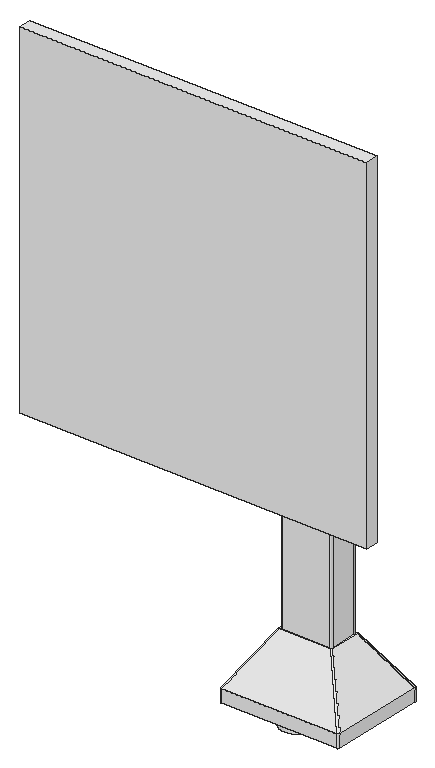
Revit family "Showerhead_Contemporary_11in-Rain-Square_TS100B1_B1L_TOTO", category Plumbing Fixtures, host Face, Revit 2013
Parameters
  ecoScorecard_data = " "
  ecoScorecard Product Page = "  "
  Width = 0' - 10 1/4"  # constant formula
  Waste Connection = no
  Warranty URL = "http://www.totousa.com/Support/WarrantyInformation.aspx"
  Warranty = "Lifetime Limited Warranty (Residential Use); One Year (Oil Rubbed Bronze); One Year Limited (Commercial Use)"  # constant formula
  WFU = 0
  Vent Connection = yes
  URL = "http://www.totousa.com"
  Toto BIM Number = "BM-00110"  # constant formula
  Tempered Water Connection NPT = 1/2"
  Subcategory = "Showers"  # constant formula
  Style = "Contemporary"  # constant formula
  Spec Sheet URL = "http://assets.totousa.com/product-files/SS-00323_TS100B1.pdf"
  Shipping Weight = 14.90 lbf
  Series = ""
  Product Page URL = " "
  Parts Manual URL = " "
  Owners Manual URL = "  "
  Model = "TS100B1"  # constant formula
  Manufacturer Toll Free Phone = "1-888-295-8134"  # constant formula
  Manufacturer Phone = "(770) 282-8686"  # constant formula
  Manufacturer Fax = "(770) 282-0002"  # constant formula
  Manufacturer Email = "mailto:custservice@totousa.com"
  Manufacturer Address = "1155 Southern Road, Morrow, Georgia 30260"  # constant formula
  Manufacturer = "TOTO USA, Inc."  # constant formula
  Installation URL = " "
  Hot Water Connector = "Hot Water Connection"  # constant formula
  Hot Water Connection Radius = 0' - 0 1/2"
  Hot Water Connection Diameter = Hot Water Connection Radius * 2  # 0' - 1"
  Height = 0' - 6 1/16"  # constant formula
  HWFU = 0
  HW Connection = yes
  Flow Rate = 1.75 GPM
  Finish = Metal - TOTO - Chrome - Polished
  Description = "Square Rain Showerhead 10\",\",\",http://www.totousa.com\""
  Depth = 1' - 6 1/8"  # constant formula
  Default Elevation = 6' - 5"
  Cost Info = "http://www.totousa.com/Portals/0/ProductDownloads/0GU4103_SQUARE_SHOWERHEADS_IM_OM.pdf"
  Color Availability = "#CP Polished Chrome"  # constant formula
  Cold Water Connector = "Cold Water Connection"  # constant formula
  Cold Water Connection Radius = 0' - 0 1/2"
  Cold Water Connection Diameter = Cold Water Connection Radius * 2  # 0' - 1"
  CWFU = 0
  CW Connection = no
  CAD Drawing URL = "http://assets.totousa.com/product-files/AD-00303_TS100B1_B1L.dxf"
  Assembly Code = "D2010710"
  95 CSI = "15416"  # constant formula
  04 CSI = "22 41 39"  # constant formula
Reference planes (in)
  plane 1 "Center (Front/Back)": y = 0
  plane 2: z = 0
  plane 3 "Center (Left/Right)": x = 0
Dimensions and locks (in)
  aligned and locked: plane 2 to host face
  aligned and locked: level to host face
  aligned and locked: plane 1 "Center (Front/Back)" to nested 1
  aligned and locked: plane 3 "Center (Left/Right)" to nested 1
Nested families (in)
  nested 1: "TS100B1L" at (0, 4.625, 0), type "TS100B1L"
    with Flow Pressure 0.00 psi
Connectors (in)
  piping at (0, 5.375, -0.25), driven by "Cold Water Connection Radius", driven by "Flow Rate", driven by "CWFU", driven by "CW Connection", driven by "CW Connection", driven by "Cold Water Connector"
    settings: on nested 1, index 1, connector radius 1/2", flow factor 0, pipe flow 1.75 GPM, pressure drop 0.00 psi, fitting loss kfactor 0, connector angle 0.00°, fixture units 0, engagement length 0' - 0", flow configuration 3, flow direction 1, fitting loss method 0, system type 20, joint type 0, gender type 0, connector reference index -1, connector utility 0, adjustable connector no, is connector primary yes, fitting loss table "", connector description "Cold Water Connection"
  piping at (0, 3.875, -0.25), driven by "Hot Water Connector", driven by "HW Connection", driven by "Hot Water Connection Radius", driven by "HW Connection", driven by "HWFU"
    settings: on nested 1, index 2, connector radius 1/2", flow factor 0, pipe flow 0.00 GPM, pressure drop 0.00 psi, fitting loss kfactor 0, connector angle 0.00°, fixture units 0, engagement length 0' - 0", flow configuration 3, flow direction 1, fitting loss method 0, system type 19, joint type 0, gender type 0, connector reference index -1, connector utility 1, adjustable connector yes, is connector primary no, fitting loss table "", connector description "Hot Water Connection"
Definition of nested family "TS100B1L"
  Parameters (values of type "TS100B1L")
    Waste Connection = no
    WFU = 0
    Vent Connection = yes
    URL = ""
    Tempered Water Connection Radius = 0' - 1"
    Tempered Water Connection NPT = 1/2"
    Showerhead Material = Metal - TOTO - Chrome - Polished
    Nominal Width = 0' - 10 1/4"  # constant formula
    Nominal Height = 0' - 6 1/16"  # constant formula
    Nominal Depth = 1' - 6 1/8"  # constant formula
    Model = ""
    Manufacturer = ""
    HWFU = 0
    HW Connection = yes
    Flow Pressure [instance] = 0.00 psi
    Description = ""
    Default Elevation = 6' - 5"
    CWFU = 0
    CW Connection = yes
    Assembly Code = ""
  Reference planes (in)
    plane 1 "Center (Front/Back)": y = 0
    plane 2: z = 0
    plane 3 "Center (Left/Right)": x = 0
    plane 4: z = 0.38
    plane 5: y = 1.4375
    plane 6: y = -1.4375
    plane 7: x = 1.75
    plane 8: x = -1.75
    plane 9: z = 1.875
    plane 10: z = 13
    plane 11: z = 13.75
    plane 12: y = -4.625
    plane 13: y = -4.25
    plane 14: x = 5.125
    plane 15: x = -5.125
    plane 16: z = 18.125
    plane 17: z = 7.875
  Forms (in)
    Extrusion 1, solid
      sketch origin (0, 0, 0) x (1, 0, 0) y (0, 1, 0)
        loop
          line (-48, 48) -> (-48, -48) -> (48, -48) -> (48, 48) -> (-48, 48)
      from 0 to -12
    Extrusion 2, solid, material "Metal - TOTO - Chrome - Polished" <- "Showerhead Material", detail levels fine
      sketch origin (0, 0, 0) x (1, 0, 0) y (0, 1, 0)
        loop
          line (-1.71094, -1.4375) -> (1.71094, -1.4375)
          arc (1.71094, -1.4375) -> (1.73856, -1.42606) -> (1.75, -1.39844) r 0.03906
          line (1.75, -1.39844) -> (1.75, 1.39844)
          arc (1.75, 1.39844) -> (1.73856, 1.42606) -> (1.71094, 1.4375) r 0.03906
          line (1.71094, 1.4375) -> (-1.71094, 1.4375)
          arc (-1.71094, 1.4375) -> (-1.73856, 1.42606) -> (-1.75, 1.39844) r 0.03906
          line (-1.75, 1.39844) -> (-1.75, -1.39844)
          arc (-1.75, -1.39844) -> (-1.73856, -1.42606) -> (-1.71094, -1.4375) r 0.03906
      from 0 to 0.38
    Blend 3, solid, material "Metal - TOTO - Chrome - Polished" <- "Showerhead Material", detail levels fine
      base sketch origin (3.25, -180, 0.38) x (-1, 0, 0) y (0, -1, 0)
        loop
          line (5, -181.39844) -> (5, -178.60156)
          arc (5, -178.60156) -> (4.98856, -178.57394) -> (4.96094, -178.5625) r 0.03906
          line (4.96094, -178.5625) -> (1.53906, -178.5625)
          arc (1.53906, -178.5625) -> (1.51144, -178.57394) -> (1.5, -178.60156) r 0.03906
          line (1.5, -178.60156) -> (1.5, -181.39844)
          arc (1.5, -181.39844) -> (1.51144, -181.42606) -> (1.53906, -181.4375) r 0.03906
          line (1.53906, -181.4375) -> (4.96094, -181.4375)
          arc (4.96094, -181.4375) -> (4.98856, -181.42606) -> (5, -181.39844) r 0.03906
      top sketch origin (3.25, -180, 0.38) x (-1, 0, 0) y (0, -1, 0)
        loop
          line (2.48906, -180.49) -> (4.01094, -180.49)
          arc (4.01094, -180.49) -> (4.03856, -180.47856) -> (4.05, -180.45094) r 0.03906
          line (4.05, -180.45094) -> (4.05, -179.54906)
          arc (4.05, -179.54906) -> (4.03856, -179.52144) -> (4.01094, -179.51) r 0.03906
          line (4.01094, -179.51) -> (2.48906, -179.51)
          arc (2.48906, -179.51) -> (2.46144, -179.52144) -> (2.45, -179.54906) r 0.03906
          line (2.45, -179.54906) -> (2.45, -180.45094)
          arc (2.45, -180.45094) -> (2.46144, -180.47856) -> (2.48906, -180.49) r 0.03906
      from 0 to 1.495
    Extrusion 4, solid, material "Metal - TOTO - Chrome - Polished" <- "Showerhead Material", detail levels fine
      sketch origin (3.25, -180, 1.875) x (-1, 0, 0) y (0, -1, 0)
        loop
          arc (2.51, -180.40594) -> (2.52144, -180.43356) -> (2.54906, -180.445) r 0.03906
          line (2.54906, -180.445) -> (3.95094, -180.445)
          arc (3.95094, -180.445) -> (3.97856, -180.43356) -> (3.99, -180.40594) r 0.03906
          line (3.99, -180.40594) -> (3.99, -179.59406)
          arc (3.99, -179.59406) -> (3.97856, -179.56644) -> (3.95094, -179.555) r 0.03906
          line (3.95094, -179.555) -> (2.54906, -179.555)
          arc (2.54906, -179.555) -> (2.52144, -179.56644) -> (2.51, -179.59406) r 0.03906
          line (2.51, -179.59406) -> (2.51, -180.40594)
      from 0 to 11.875
    Extrusion 5, solid, material "Metal - TOTO - Chrome - Polished" <- "Showerhead Material"
      sketch origin (1.5, -4.625, 48) x (-1, 0, 0) y (0, 0, -1)
        loop
          line (-3.625, 40.125) -> (-3.625, 29.875) -> (6.625, 29.875) -> (6.625, 40.125) -> (-3.625, 40.125)
      from 0 to -0.375
    Revolve 6, solid, material "Metal - TOTO - Chrome - Polished" <- "Showerhead Material", detail levels fine
      sketch origin (3.25, -180, 13) x (-1, 0, 0) y (0, -1, 0)
        loop
          line (3.25, -175.75) -> (1.9, -175.75) -> (1.9, -176.16127)
          arc (1.9, -176.16127) -> (1.90841, -176.18159) -> (1.92873, -176.19) r 0.02873
          line (1.92873, -176.19) -> (2.34, -176.19) -> (2.34, -178.16266)
          arc (2.34, -178.16266) -> (2.34801, -178.18199) -> (2.36734, -178.19) r 0.02734
          line (2.36734, -178.19) -> (2.66016, -178.19) -> (2.66016, -179.555) -> (3.25, -179.555) -> (3.25, -175.75)
        axis (3.25, -179.555) -> (3.25, -175.75)
      angle from 0 to 360
    Extrusion 7, solid, material "Metal - TOTO - Chrome - Polished" <- "Showerhead Material"
      sketch origin (3.25, -180, 13) x (-1, 0, 0) y (0, -1, 0)
        loop
          circle (3.25, -180.75) r 0.5
        loop
          circle (3.25, -179.25) r 0.5
      from -13 to -13.25
    Extrusion 8, solid, material "Metal - TOTO - Chrome - Polished" <- "Showerhead Material", detail levels coarse+medium
      sketch origin (0, 0, 0) x (0, 1, 0) y (0, 0, 1)
        loop
          line (1.4375, 14.35) -> (-4.25, 14.35) -> (-4.25, 11.65) -> (-1.4375, 11.65) -> (-1.4375, 0) -> (1.4375, 0) -> (1.4375, 14.35)
      from -1.75 to 1.75
  Lines and regions (in)
    symbolic lines, detail levels coarse+medium
      curve 1: line (-1.75, 1.4375, 0) -> (1.75, 1.4375, 0)
      curve 6: line (1.75, -4.25, 0) -> (1.75, 1.4375, 0)
      curve 7: line (-1.75, -4.25, 0) -> (-1.75, 1.4375, 0)
      curve 46: line (0, 1.4375, 14.35) -> (0, -3.83857, 14.35)
      curve 51: line (0, -3.83857, 11.65) -> (0, -1.4375, 11.65)
    symbolic lines
      curve 2: line (-5.125, -4.625, 0) -> (5.125, -4.625, 0)
      curve 3: line (-5.125, -4.25, 0) -> (5.125, -4.25, 0)
      curve 4: line (5.125, -4.625, 0) -> (5.125, -4.25, 0)
      curve 5: line (-5.125, -4.625, 0) -> (-5.125, -4.25, 0)
      curve 38: line (1.75, 0, 0) -> (-1.75, 0, 0)
      curve 72: line (-5.125, 0, 18.125) -> (5.125, 0, 18.125)
      curve 73: line (-5.125, 0, 7.875) -> (-5.125, 0, 18.125)
      curve 74: line (5.125, 0, 7.875) -> (-5.125, 0, 7.875)
      curve 75: line (5.125, 0, 18.125) -> (5.125, 0, 7.875)
      curve 79: line (-1.75, 0, 0.38) -> (-1.75, 0, 0)
      curve 83: line (1.75, 0, 0) -> (1.75, 0, 0.38)
    symbolic lines, detail levels fine
      curve 8: arc (-0.8, -0.45094, 0) -> (-0.78856, -0.47856, 0) -> (-0.76094, -0.49, 0) r 0.03906
      curve 9: line (-0.8, 0.45094, 0) -> (-0.8, -0.45094, 0)
      curve 10: line (-0.76094, -0.49, 0) -> (0.76094, -0.49, 0)
      curve 11: arc (-0.76094, 0.49, 0) -> (-0.78856, 0.47856, 0) -> (-0.8, 0.45094, 0) r 0.03906
      curve 12: line (0.76094, 0.49, 0) -> (-0.76094, 0.49, 0)
      curve 13: arc (0.8, 0.45094, 0) -> (0.78856, 0.47856, 0) -> (0.76094, 0.49, 0) r 0.03906
      curve 14: line (0.8, -0.45094, 0) -> (0.8, 0.45094, 0)
      curve 15: arc (0.76094, -0.49, 0) -> (0.78856, -0.47856, 0) -> (0.8, -0.45094, 0) r 0.03906
      curve 16: arc (0.70094, -0.445, 0) -> (0.72856, -0.43356, 0) -> (0.74, -0.40594, 0) r 0.03906
      curve 17: line (0.74, -0.40594, 0) -> (0.74, 0.40594, 0)
      curve 18: arc (0.74, 0.40594, 0) -> (0.72856, 0.43356, 0) -> (0.70094, 0.445, 0) r 0.03906
      curve 19: line (0.70094, 0.445, 0) -> (-0.70094, 0.445, 0)
      curve 20: arc (-0.70094, 0.445, 0) -> (-0.72856, 0.43356, 0) -> (-0.74, 0.40594, 0) r 0.03906
      curve 21: line (-0.74, 0.40594, 0) -> (-0.74, -0.40594, 0)
      curve 22: arc (-0.74, -0.40594, 0) -> (-0.72856, -0.43356, 0) -> (-0.70094, -0.445, 0) r 0.03906
      curve 23: line (-0.70094, -0.445, 0) -> (0.70094, -0.445, 0)
      curve 24: line (0.88346, -1.81, 0) -> (-0.88346, -1.81, 0)
      curve 25: line (1.32201, -3.81, 0) -> (-1.32201, -3.81, 0)
      curve 26: line (-1.3498, -4.25, 0) -> (-1.3498, -3.83779, 0)
      curve 27: arc (-1.3498, -3.83779, 0) -> (-1.34166, -3.81814, 0) -> (-1.32201, -3.81, 0) r 0.02779
      curve 28: arc (1.3498, -3.83779, 0) -> (1.34166, -3.81814, 0) -> (1.32201, -3.81, 0) r 0.02779
      curve 29: line (1.3498, -4.25, 0) -> (1.3498, -3.83779, 0)
      curve 30: line (-0.91012, -3.81, 0) -> (-0.91012, -1.83665, 0)
      curve 31: arc (-0.91012, -1.83665, 0) -> (-0.90231, -1.81781, 0) -> (-0.88346, -1.81, 0) r 0.02665
      curve 32: line (0.91012, -3.81, 0) -> (0.91012, -1.83665, 0)
      curve 33: arc (0.91012, -1.83665, 0) -> (0.90231, -1.81781, 0) -> (0.88346, -1.81, 0) r 0.02665
      curve 34: line (-0.59028, -1.81, 0) -> (-0.59028, -0.49, 0)
      curve 35: line (0.59028, -1.81, 0) -> (0.59028, -0.49, 0)
      curve 39: line (0, -0.445, 13.58926) -> (0, -1.81, 13.58926)
      curve 40: line (0, -0.445, 12.41074) -> (0, -1.81, 12.41074)
      curve 41: line (0, -1.81, 12.11682) -> (0, -1.81, 13.88318)
      curve 42: line (0, -1.83648, 13.90966) -> (0, -3.81, 13.90966)
      curve 43: arc (0, -1.81, 13.88318) -> (0, -1.81776, 13.90191) -> (0, -1.83648, 13.90966) r 0.02648
      curve 44: line (0, -3.81, 13.90966) -> (0, -3.81, 14.32143)
      curve 45: arc (0, -3.81, 14.32143) -> (0, -3.81837, 14.34163) -> (0, -3.83857, 14.35) r 0.02857
      curve 47: line (0, -1.83648, 12.09034) -> (0, -3.81, 12.09034)
      curve 48: arc (0, -1.81, 12.11682) -> (0, -1.81776, 12.09809) -> (0, -1.83648, 12.09034) r 0.02648
      curve 49: line (0, -3.81, 12.09034) -> (0, -3.81, 11.67857)
      curve 50: arc (0, -3.81, 11.67857) -> (0, -3.81837, 11.65837) -> (0, -3.83857, 11.65) r 0.02857
      curve 52: line (0, -1.4375, 0.38) -> (0, 1.4375, 0.38)
      curve 76: line (-0.74, 0, 7.875) -> (-0.74, 0, 1.875)
      curve 77: line (-0.74, 0, 1.875) -> (-0.8, 0, 1.875)
      curve 78: line (-0.8, 0, 1.875) -> (-1.75, 0, 0.38)
      curve 80: line (0.74, 0, 7.875) -> (0.74, 0, 1.875)
      curve 81: line (0.74, 0, 1.875) -> (0.8, 0, 1.875)
      curve 82: line (0.8, 0, 1.875) -> (1.75, 0, 0.38)
      curve 84: line (1.75, 0, 0.38) -> (-1.75, 0, 0.38)
    symbolic lines, style "PlumbingFixtures", detail levels coarse+medium
      curve 36: line (1.75, 0, 7.875) -> (1.75, 0, 0.38)
      curve 37: line (-1.75, 0, 7.875) -> (-1.75, 0, 0.38)
      curve 53: line (0, -1.4375, 11.65) -> (0, -1.4375, 0.38)
      curve 54: line (0, 1.4375, 0.38) -> (0, 1.4375, 14.35)
    symbolic lines, style "PlumbingFixtures"
      curve 55: line (0, -4.625, 7.875) -> (0, -4.625, 18.125)
      curve 56: line (0, -4.625, 18.125) -> (0, -4.25, 18.125)
      curve 57: line (0, -4.25, 18.125) -> (0, -4.25, 7.875)
      curve 58: line (0, -4.25, 7.875) -> (0, -4.625, 7.875)
      curve 59: line (0, 1.4375, 0) -> (0, 1.4375, 0.38)
      curve 60: line (0, 1.4375, 0) -> (0, -1.4375, 0)
      curve 61: line (0, -1.4375, 0.38) -> (0, -1.4375, 0)
      curve 70: line (0, -3.83857, 14.35) -> (0, -4.25, 14.35)
      curve 71: line (0, -3.83857, 11.65) -> (0, -4.25, 11.65)
    symbolic lines, style "PlumbingFixtures", detail levels fine
      curve 62: line (0, 1.4375, 0.38) -> (0, 0.49, 1.875)
      curve 63: line (0, 0.49, 1.875) -> (0, 0.45094, 1.875)
      curve 64: line (0, 0.45094, 1.875) -> (0, -0.445, 1.875)
      curve 65: line (0, 0.445, 1.875) -> (0, 0.445, 13.75)
      curve 66: line (0, -1.4375, 0.38) -> (0, -0.49, 1.875)
      curve 67: line (0, -0.49, 1.875) -> (0, -0.45094, 1.875)
      curve 68: line (0, -0.445, 1.875) -> (0, -0.445, 13.75)
      curve 69: line (0, 0.445, 13.75) -> (0, -0.445, 13.75)
  Dimensions and locks (in)
    plane 8 to plane 3 "Center (Left/Right)" to plane 7 = 0' - 1 3/4" locked, 0' - 1 3/4" locked
    locked: plane 4 to plane 2 at 0.38
    locked: plane 9 to plane 2 at 1.875
    Blend 3 sketch curve to plane 3 "Center (Left/Right)" to Blend 3 sketch curve = 0' - 0.8" locked, 0' - 0.8" locked
    Blend 3 sketch curve to plane 1 "Center (Front/Back)" to Blend 3 sketch curve = 0' - 0.49" locked, 0' - 0.49" locked
    locked: plane 10 to plane 2 at 13
    locked: plane 11 to plane 10 at 0.75
    Extrusion 4 sketch curve to plane 3 "Center (Left/Right)" to Extrusion 4 sketch curve = 0' - 0.74" locked, 0' - 0.74" locked
    Extrusion 4 sketch curve to plane 1 "Center (Front/Back)" to Extrusion 4 sketch curve = 0' - 0.445" locked, 0' - 0.445" locked
    equal spacing: plane 15, plane 3 "Center (Left/Right)", plane 14
    "Nominal Width": plane 15 to plane 14
    locked: plane 13 to plane 1 "Center (Front/Back)" at 4.25
    locked: plane 12 to plane 1 "Center (Front/Back)" at 4.625
    locked: plane 6 to plane 1 "Center (Front/Back)" at 1.4375
    "Nominal Height": plane 12 to plane 5
    "Nominal Depth": plane 16 to plane 2
    locked: plane 10 to plane 17 at 5.125
    plane 3 "Center (Left/Right)" to Revolve 6 sketch curve to Revolve 6 sketch curve to Revolve 6 sketch curve = 0' - 0 151/256" locked, 0' - 0.32016" locked, 0' - 0.44" locked
    plane 13 to Revolve 6 sketch curve to Revolve 6 sketch curve = 0' - 0.44" locked, 0' - 2" locked
    locked: plane 2 to Extrusion 7 at 0.25
    radius of Extrusion 2 sketch curve = 0' - 0 5/128"  (x4)
    radius of Blend 3 sketch curve = 0' - 0 5/128"  (x4)
    radius of Extrusion 4 sketch curve = 0' - 0 5/128"  (x4)
    aligned and locked: plane 2 to Extrusion 1
    aligned and locked: level to Extrusion 1
    aligned: plane 8 to Extrusion 2 sketch curve
    aligned and locked: plane 6 to Extrusion 2 sketch curve
    aligned: plane 5 to Extrusion 2 sketch curve
    aligned and locked: Extrusion 2 sketch curve to plane 7
    aligned and locked: Extrusion 2 sketch curve to plane 8
    aligned and locked: plane 5 to Extrusion 2 sketch curve
    aligned and locked: Extrusion 2 to plane 2
    aligned and locked: plane 4 to Extrusion 2
    aligned and locked: Blend 3 sketch curve to Extrusion 2  (x4)
    aligned and locked: Blend 3 to plane 4
    aligned and locked: plane 9 to Blend 3
    aligned and locked: Extrusion 4 to plane 9
    aligned and locked: plane 11 to Extrusion 4
    aligned and locked: plane 14 to Extrusion 5 sketch curve  (x2)
    aligned and locked: plane 17 to Extrusion 5 sketch curve
    aligned and locked: plane 16 to Extrusion 5 sketch curve
    aligned and locked: plane 15 to Extrusion 5 sketch curve
    aligned and locked: Extrusion 5 to plane 12
    aligned and locked: Extrusion 5 to plane 13
    aligned and locked: plane 3 "Center (Left/Right)" to Revolve 6 sketch curve
    aligned and locked: plane 13 to Revolve 6 sketch curve
    aligned and locked: Extrusion 4 to Revolve 6 sketch curve
    aligned and locked: Revolve 6 sketch curve to plane 3 "Center (Left/Right)"
    aligned and locked: plane 2 to Extrusion 7
  Automatic sketch dimensions
    Extrusion 1 sketch curve to Extrusion 1 sketch curve = 8' - 0"  (x2)
    Revolve 6 sketch curve to Revolve 6 sketch curve = 0' - 0.02873"
    Revolve 6 sketch curve to Revolve 6 sketch curve = 0' - 0 7/256"
    plane 5 to Revolve 6 sketch curve = 0' - 0.6175"
    Revolve 6 sketch curve to Revolve 6 sketch curve = 0' - 0 1/2"
    plane 13 to curve 5 = 0' - 0"
    curve 5 to plane 15 = 0' - 0"
    curve 1 to plane 7 = 0' - 0"
    plane 12 to curve 2 = 0' - 0"
    curve 2 to plane 14 = 0' - 0"
    plane 8 to curve 27 = 0' - 0.4002"
    curve 27 to curve 25 = 0' - 0.02779"
    plane 6 to curve 30 = 0' - 0.39915"
    plane 8 to curve 30 = 0' - 0.83988"
    curve 30 to curve 31 = 0' - 0.02665"
    plane 1 "Center (Front/Back)" to curve 8 = 0' - 0.45094"
    curve 8 to plane 3 "Center (Left/Right)" = 0' - 0.8"
    curve 9 to curve 8 = 0' - 0 5/128"
    curve 11 to curve 12 = 0' - 0 5/128"
    curve 8 to curve 22 = 0' - 0.02094"
    curve 22 to curve 23 = 0' - 0 5/128"
    curve 20 to curve 20 = 0' - 0 5/128"
    curve 24 to curve 34 = 0' - 0.29318"
    plane 3 "Center (Left/Right)" to curve 35 = 0' - 0.59028"
    plane 3 "Center (Left/Right)" to curve 19 = 0' - 0.70094"
    curve 35 to curve 16 = 0' - 0.11066"
    curve 18 to curve 17 = 0' - 0 5/128"
    curve 23 to curve 15 = 0' - 0.06"
    curve 18 to curve 12 = 0' - 0.06"
    curve 13 to curve 13 = 0' - 0 5/128"
    curve 35 to curve 33 = 0' - 0.29318"
    curve 33 to curve 32 = 0' - 0.02665"
    curve 32 to curve 28 = 0' - 0.41189"
    curve 28 to curve 28 = 0' - 0.02779"
    curve 27 to plane 13 = 0' - 0.41221"
    curve 15 to curve 23 = 0' - 0.00594"
    curve 18 to plane 1 "Center (Front/Back)" = 0' - 0.40594"
    curve 17 to curve 14 = 0' - 0.045"
    curve 58 to plane 12 = 0' - 0"
    curve 56 to plane 13 = 0' - 0"
    curve 61 to level = 0' - 0"
    curve 61 to plane 6 = 0' - 0"
    curve 67 to plane 9 = 0' - 0"
    curve 69 to plane 11 = 0' - 0"
    curve 68 to plane 9 = 0' - 0"
    curve 65 to plane 9 = 0' - 0"
    curve 59 to plane 4 = 0' - 0"
    curve 59 to plane 5 = 0' - 0"
    curve 55 to plane 17 = 0' - 0"
    plane 16 to curve 56 = 0' - 0"
    curve 70 to plane 13 = 0' - 0.41143"
    curve 51 to plane 13 = 0' - 0.41143"
    curve 50 to curve 49 = 0' - 0.02857"
    plane 11 to curve 44 = 0' - 0.15966"
    curve 45 to curve 44 = 0' - 0.02857"
    plane 6 to curve 42 = 0' - 0.39898"
    plane 6 to curve 48 = 0' - 0.39898"
    curve 43 to curve 39 = 0' - 0.02648"
    plane 1 "Center (Front/Back)" to curve 67 = 0' - 0.49"
    curve 66 to curve 67 = 0' - 0 5/128"
    curve 39 to plane 11 = 0' - 0.16074"
    plane 1 "Center (Front/Back)" to curve 39 = 0' - 0.445"
    plane 1 "Center (Front/Back)" to curve 40 = 0' - 0.445"
    curve 69 to curve 39 = 0' - 0"
    curve 65 to plane 1 "Center (Front/Back)" = 0' - 0.445"
    curve 65 to curve 63 = 0' - 0.00594"
    curve 63 to curve 62 = 0' - 0 5/128"
    curve 50 to plane 10 = 0' - 1.35"
    curve 51 to curve 47 = 0' - 0.44034"
    curve 40 to plane 10 = 0' - 0.58926"
    curve 42 to curve 45 = 0' - 0.41177"
    curve 74 to plane 15 = 0' - 0"
    curve 79 to plane 4 = 0' - 0"
    curve 84 to plane 8 = 0' - 0"
    curve 77 to plane 9 = 0' - 0"
    curve 76 to plane 17 = 0' - 0"
    curve 81 to plane 9 = 0' - 0"
    curve 38 to level = 0' - 0"
    plane 7 to curve 84 = 0' - 0"
    plane 14 to curve 74 = 0' - 0"
    curve 72 to plane 16 = 0' - 0"
    curve 77 to plane 3 "Center (Left/Right)" = 0' - 0.8"
    curve 77 to curve 77 = 0' - 0.06"
    plane 3 "Center (Left/Right)" to curve 80 = 0' - 0.74"
    curve 80 to curve 81 = 0' - 0.06"
    curve 7 to plane 8 = 0' - 0"
    curve 6 to plane 5 = 0' - 0"
    Extrusion 8 sketch curve to plane 6 = 0' - 0"
    Extrusion 8 sketch curve to plane 5 = 0' - 0"
    Extrusion 8 sketch curve to plane 10 = 0' - 1.35"
    plane 11 to Extrusion 8 sketch curve = 0' - 0.6"
    Extrusion 8 sketch curve to level = 0' - 0"
    Extrusion 8 sketch curve to plane 13 = 0' - 0"
    Extrusion 7 sketch curve to plane 3 "Center (Left/Right)" = 0' - 0"  (x2)
    Extrusion 7 sketch curve to plane 5 = 0' - 0 11/16"
    Extrusion 7 sketch curve to plane 6 = 0' - 0 11/16"
    radius of Extrusion 7 sketch curve = 0' - 0 1/2"  (x2)
